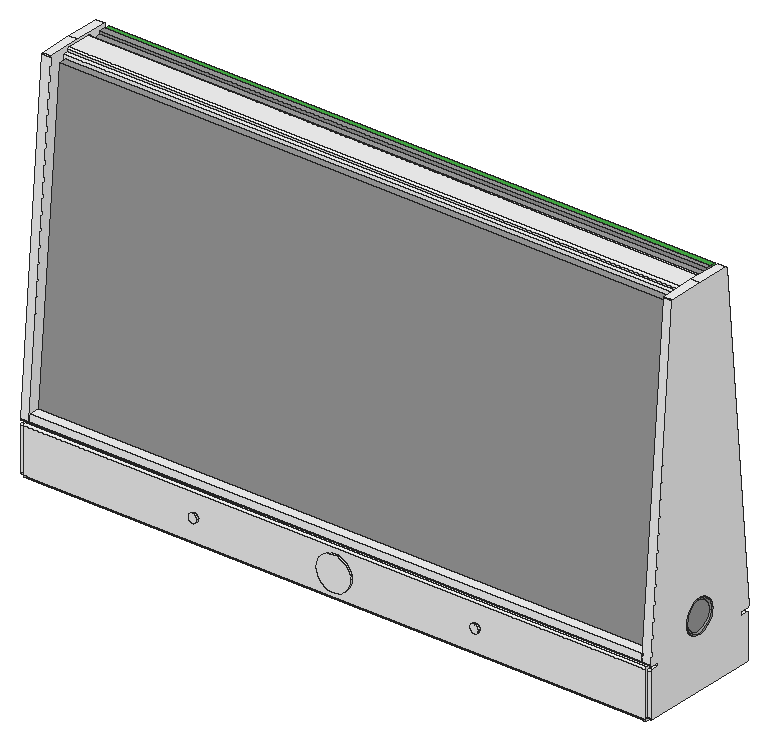
Revit family "Cleverfit Pro LED Exit_R16", category Lighting Fixtures, host Face, Revit 2016
Family settings
  Host = Face
  Part Type = Normal
  Round Connector Dimension = Use Diameter
  Cut with Voids When Loaded = No
  Light Source = Yes
  Shared = No
  Room Calculation Point = No
Parameters (values of type "LCFPRO-DATA")
  Width = 72 mm
  Wattage Comments = "Standby"
  Wattage = 9.2903 W
  built-in parameter 1150110 = 1 (stored number, unit not read)
  Viewing Distance = 24000 mm
  built-in parameter 1114217 = 1 (stored number, unit not read)
  Tilt Angle = -90.00°
  Testing System = "Zoneworks DATA Computerized Testing"
  built-in parameter 1150109 = 1 (stored number, unit not read)
  built-in parameter 1150134 = 3
  built-in parameter 1150113 = 1 (stored number, unit not read)
  Sign Width = 178 mm
  Sign Length = Length - 14 mm  # 353 mm
  Sign Height = 3 mm
  Power Consumption = 3.6 W
  Photometric Web File = "ll15872 LCFPRO-ZW.IES"
  Operating Voltage = 240 V
  Operating Temperature = "0°C to +40°C"
  Operating Mode = "Maintained"
  built-in parameter 1150142 = "IESNA91\r\n[TEST] \r\n[MANUFAC] Enlightenz Ltd.,\r\n[MORE] Albany, Auckland, NZ. 0751.\r\n[LUMINAIRE] Enlightenz, 2 x 28 W Recessed T5 Luminaire. Product ID: Aurora FRT 228 1200x600mm E (hf).\r\n[MORE] Matte white folded/welded reflector about extruded aluminium housing (extent: 1195 x 595 x 83 mm).\r\n[MORE] Clip-in wrap-around prismatic lens. L/O of 570 x 1170 mm (nom.). Multi-facet semi-specular “Almeco Vega\r\n[MORE] 98125” reflector above lamps. Two “Philips Master TL5 HE 28W/840” T5 lamps with L/C 15 mm below\r\n[MORE] gear tray centred 55 mm apart. One “Tridonic PC 2/14-35/49/54 T5 PRO-M lp” 220-240V 50/60/0 Hz\r\n[MORE] electronic ballast. Tested at 240 V 50 Hz, measured 259 mA.\r\n[OTHER] NA conventions used for C0 plane alignment and C-plane rotation direction.\r\n[MORE] The sample was tested at a distance of 8m.\r\n[MORE] This IES file created by LightLab/LSA Report program version 3.801a.\r\n[DATE] This file created: Tuesday, 9 October 2012 3:03:39 PM\r\nTILT=NONE\r\n 2 \r\n 500 \r\n 1 \r\n 37 \r\n 5 \r\n 1 \r\n 2 \r\n 0.57 \r\n 1.17 \r\n 0 \r\n 1 \r\n 1 \r\n 60.092 \r\n   0.000,   2.500,   5.000,   7.500,  10.000,  12.500,  15.000,  17.500\r\n  20.000,  22.500,  25.000,  27.500,  30.000,  32.500,  35.000,  37.500\r\n  40.000,  42.500,  45.000,  47.500,  50.000,  52.500,  55.000,  57.500\r\n  60.000,  62.500,  65.000,  67.500,  70.000,  72.500,  75.000,  77.500\r\n  80.000,  82.500,  85.000,  87.500,  90.000\r\n   0.000,  22.500,  45.000,  67.500,  90.000\r\n 341.4615, 341.2494, 340.2621, 338.5616, 336.1938, 333.2445, 329.4498\r\n 325.1429, 319.5903, 314.1999, 307.4367, 300.5308, 293.2082, 284.455, 274.5801\r\n 263.8264, 252.1498, 239.0471, 225.7166, 210.6177, 192.1162, 174.0084\r\n 152.1725, 134.7049, 118.2924, 103.374, 87.82187, 73.2549, 58.18829, 44.20323\r\n 33.80256, 26.5568, 21.00437, 15.25085, 9.952937, 4.504488, 0\r\n 341.4615, 341.4325, 340.9283, 340.0726, 338.6573, 336.5357, 333.8256\r\n 330.6919, 326.2308, 321.6914, 316.3366, 310.159, 303.4406, 295.2195, 286.6508\r\n 275.8864, 264.9573, 251.7767, 237.7297, 222.4658, 203.5372, 183.5127\r\n 160.7821, 138.5007, 119.9334, 104.5588, 90.92212, 78.3137, 67.11916, 55.77171\r\n 45.29549, 35.7993, 28.21967, 22.16036, 16.11417, 8.827147, 0\r\n 341.4615, 341.7425, 342.02, 342.392, 342.3859, 342.1362, 341.5772, 340.3091\r\n 338.212, 335.2784, 331.449, 326.9092, 320.9093, 313.1094, 303.6343, 293.2066\r\n 281.2209, 266.4966, 250.7048, 232.6298, 212.1581, 191.6554, 168.4842, 144.929\r\n 122.8393, 103.6612, 88.71062, 77.20822, 68.5182, 59.68402, 51.84156, 44.54643\r\n 38.17947, 30.48246, 21.74542, 11.92535, 0\r\n 341.4615, 341.9061, 343.1144, 344.3131, 345.7363, 347.1233, 347.8908\r\n 347.8587, 346.8893, 344.8732, 341.6011, 336.3393, 329.9645, 320.9179\r\n 310.8897, 298.5015, 284.8099, 269.01, 250.8172, 231.8651, 212.1282, 190.7469\r\n 167.4352, 148.4717, 131.0166, 116.6967, 103.8384, 91.12573, 79.70123\r\n 69.23565, 59.76439, 51.20085, 42.75244, 33.9792, 23.73228, 12.53013, 0\r\n 341.4615, 342.1449, 343.6144, 345.2054, 347.1876, 349.0632, 350.4188\r\n 350.7227, 349.9974, 347.909, 344.7461, 339.3313, 332.5534, 323.5998, 313.1198\r\n 300.9613, 286.2627, 268.3135, 250.1823, 230.513, 210.1074, 186.0525, 164.0899\r\n 144.4967, 126.8553, 111.9364, 96.5733, 82.94154, 71.29578, 61.47259, 54.19354\r\n 46.56514, 39.33159, 31.05388, 21.2952, 11.36191, 0\r\n"
  Mounting = "Surface Mount. Single Side Wall. Single or Double Side Ceiling."
  Model = "LCFPRO-DATA"
  Manufacturer = "Clevertronics"
  built-in parameter 1150105 = 109.82 (stored number, unit not read)
  Lumens = 1380 lm
  built-in parameter 1150115 = 1 (stored number, unit not read)
  built-in parameter 1150137 = (empty or 0)
  built-in parameter 1150139 = (empty or 0)
  Length = 367 mm
  built-in parameter 1150112 = 1 (stored number, unit not read)
  built-in parameter 1150114 = 1 (stored number, unit not read)
  Lamp = "2 x 1W LED 100,000 hours"
  built-in parameter 1150132 = (empty or 0)
  built-in parameter 1150102 = (empty or 0)
  built-in parameter 1150107 = 3200 (stored number, unit not read)
  built-in parameter 1150138 = (empty or 0)
  built-in parameter 1150106 = 1.0982 (stored number, unit not read)
  IP Rating = "IP20"
  Height = 214 mm
  Family Type = Sign : Sign
  Emit from Circle Diameter = 609.6 mm
  Emit Shape Visible in Rendering = no
  built-in parameter 1150104 = 13.8 (stored number, unit not read)
  Dimming Lamp Color Temperature Shift = <None>
  Diffuser = "All directional inserts included in the box"
  Description = "LED Cleverfit Pro Exit"
  Default Elevation = 1219.2 mm
  Construction = "Fire-retardant PC/ABS body with Polycarbonate Diffusers"
  Color Filter = 16777215
  Charging Method = "Intelligent current limited constant voltage charger"
  built-in parameter 1114218 = 1 (stored number, unit not read)
  Ballast = "Electronic"
  built-in parameter 1150133 = 10 (stored number, unit not read)
  Apparent Load = 3.6 VA
  AS2293 = "C0=D4 C90=E8 C180=D4 C270=E8"
Types (6, lengths in mm): name | Testing System | Model | Description | Charging Method
  (no name) | "Zoneworks DATA Computerized Testing" | "LCFPRO-DATA" | "LED Cleverfit Pro Exit" | "Intelligent current limited constant voltage charger"
  LCFPRO-CT | "Clever-Test" | "LCFPRO-CT" | "LED Cleverfit Pro Exit" | "Intelligent current limited constant voltage charger"
  LCFPRO | "N/A - Manual Test Switch" | "LCFPRO" | "LED Cleverfit Pro Exit" | "Intelligent current limited constant voltage charger"
  LCFPRO-DALI | "DALI Compatible" | "LCFPRO-DALI" | "LED Cleverfit Pro Exit with DALI" | "Intelligent current limited constant voltage charger"
  LCFPRO-DATA | "Zoneworks DATA Computerized Testing" | "LCFPRO-DATA" | "LED Cleverfit Pro Exit" | "Intelligent current limited constant voltage charger"
  LCFPRO-ZW | "Zoneworks Computerized Testing" | "LCFPRO-ZW" | "LED Cleverfit Pro Exit" | "Constant current to 3.4V, then constant voltage"
Reference planes
  plane 1 "Center (Front/Back)": y = 0
  plane 2: z = 0
  plane 3 "Center (Left/Right)": x = 0
  plane 4: y = 36
  plane 5: y = -36
  plane 6: x = -183.5
  plane 7: x = 183.5
  plane 8: z = 214
  plane 9: x = -82
  plane 10: x = 82
  plane 11: z = 213
  plane 12: z = 34
  plane 13: z = 40
  plane 14: z = 1
  plane 15: z = 28
  plane 16: z = 14
  plane 17: z = 29
  plane 18: z = 36.612
  plane 19: z = 35.306
  plane 20: y = 37
  plane 21: y = -37
  plane 22: x = -178.5
  plane 23 "Hosting Plane": x = -176.5
  plane 24: x = -174.5
  plane 25: x = -181
  plane 26: y = 26
  plane 27: y = -26
  plane 28: x = 133.5
  plane 29: x = 178.5
  plane 30: x = 176.5
  plane 31: x = 174.5
  plane 32: x = 181
  plane 33: y = 30
  plane 34: y = -30
  plane 35: y = 20
  plane 36: y = -20
  plane 37: y = 20
  plane 38: y = -20
  plane 39: z = 124.153
  plane 40 "Base": through (0, 32.119, 35.221) normal (0, 0.0848, -0.9964)
  plane 41: x = 182.5
Forms (mm)
  Extrusion 1, solid, material "Plastic - Polycarbonate - White", detail levels fine
    sketch origin (0, 0, 0) x (0, 1, 0) y (0, 0, 1)
      loop
        line (30, 28) -> (30, 27) -> (34.5, 27)
        arc (34.5, 27) -> (34.854, 26.854) -> (35, 26.5) r 0.5
        line (35, 26.5) -> (35, 1.5)
        arc (35, 1.5) -> (34.854, 1.146) -> (34.5, 1) r 0.5
        line (34.5, 1) -> (-34.5, 1)
        arc (-34.5, 1) -> (-34.854, 1.146) -> (-35, 1.5) r 0.5
        line (-35, 1.5) -> (-35, 26.5)
        arc (-35, 26.5) -> (-34.854, 26.854) -> (-34.5, 27) r 0.5
        line (-34.5, 27) -> (-30, 27) -> (-30, 28) -> (-35, 28)
        arc (-35, 28) -> (-35.707, 27.707) -> (-36, 27) r 1
        line (-36, 27) -> (-36, 1)
        arc (-36, 1) -> (-35.707, 0.293) -> (-35, 0) r 1
        line (-35, 0) -> (35, 0)
        arc (35, 0) -> (35.707, 0.293) -> (36, 1) r 1
        line (36, 1) -> (36, 27)
        arc (36, 27) -> (35.707, 27.707) -> (35, 28) r 1
        line (35, 28) -> (30, 28)
    from -181 to 181
  Extrusion 2, solid, material "Plastic - Polycarbonate - White", detail levels fine
    sketch origin (0, 0, 0) x (0, 1, 0) y (0, 0, 1)
      loop
        line (35, 1.5) -> (35, 26.5)
        arc (35, 26.5) -> (34.854, 26.854) -> (34.5, 27) r 0.5
        line (34.5, 27) -> (30, 27) -> (30, 29) -> (35, 29) -> (35.588, 29.809) -> (20, 213) -> (19.434, 213.566) -> (0, 214) -> (-19.434, 213.566) -> (-20, 213) -> (-35.588, 29.809) -> (-35, 29) -> (-30, 29) -> (-30, 27) -> (-34.5, 27)
        arc (-34.5, 27) -> (-34.854, 26.854) -> (-35, 26.5) r 0.5
        line (-35, 26.5) -> (-35, 1.5)
        arc (-35, 1.5) -> (-34.854, 1.146) -> (-34.5, 1) r 0.5
        line (-34.5, 1) -> (34.5, 1)
        arc (34.5, 1) -> (34.854, 1.146) -> (35, 1.5) r 0.5
    from -183.5 to -178.5
  Extrusion 3, solid, material "Plastic - Polycarbonate - White", detail levels fine
    sketch origin (0, 0, 0) x (0, 1, 0) y (0, 0, 1)
      loop
        line (35, 1.5) -> (35, 26.5)
        arc (35, 26.5) -> (34.854, 26.854) -> (34.5, 27) r 0.5
        line (34.5, 27) -> (30, 27) -> (30, 29) -> (35, 29) -> (35.588, 29.809) -> (20, 213) -> (19.434, 213.566) -> (0, 214) -> (-19.434, 213.566) -> (-20, 213) -> (-35.588, 29.809) -> (-35, 29) -> (-30, 29) -> (-30, 27) -> (-34.5, 27)
        arc (-34.5, 27) -> (-34.854, 26.854) -> (-35, 26.5) r 0.5
        line (-35, 26.5) -> (-35, 1.5)
        arc (-35, 1.5) -> (-34.854, 1.146) -> (-34.5, 1) r 0.5
        line (-34.5, 1) -> (34.5, 1)
        arc (34.5, 1) -> (34.854, 1.146) -> (35, 1.5) r 0.5
    from 178.5 to 183.5
  Extrusion 4, solid, material "Default", detail levels fine
    sketch origin (0, 0, 0) x (0, 1, 0) y (0, 0, 1)
      loop
        line (31.631, 35.306) -> (16.897, 213) -> (13.89, 213) -> (13.89, 210.956) -> (7.831, 210.426) -> (7.831, 35.306) -> (31.631, 35.306)
    from -176.5 to 176.5
  Extrusion 5, solid, material "Plastic - Polycarbonate - White", detail levels fine
    sketch origin (0, 0, 0) x (0, 1, 0) y (0, 0, 1)
      loop
        line (35, 29) -> (35.588, 29.809) -> (35.231, 34) -> (7.831, 34) -> (7.831, 212)
        arc (7.831, 212) -> (7.538, 212.707) -> (6.831, 213) r 1
        line (6.831, 213) -> (-6.831, 213)
        arc (-6.831, 213) -> (-7.538, 212.707) -> (-7.831, 212) r 1
        line (-7.831, 212) -> (-7.831, 34) -> (-35.231, 34) -> (-35.588, 29.809) -> (-35, 29) -> (35, 29)
    from -178.5 to 178.5
  Extrusion 6, solid, material "Plastic - Polycarbonate - White", detail levels fine
    sketch origin (0, 0, 0) x (0, 1, 0) y (0, 0, 1)
      loop
        line (-7.831, 211) -> (-10.831, 211) -> (-25.331, 35.306) -> (-7.831, 35.306) -> (-7.831, 211)
    from -178.5 to 178.5
  Extrusion 7, solid, material "Default", detail levels fine
    sketch origin (0, 0, 0) x (0, 1, 0) y (0, 0, 1)
      loop
        line (-10.988, 209.104) -> (-15.815, 209.104) -> (-30.604, 35.306) -> (-25.331, 35.306) -> (-10.988, 209.104)
    from -176.5 to 178.5
  Extrusion 8, void
    sketch origin (0, 0, 0) x (0, 1, 0) y (0, 0, 1)
      loop
        circle (0, 40) r 10
    from 181 to 183.5
  Extrusion 9, solid, material "Default", detail levels fine
    sketch origin (0, 0, 0) x (0, 1, 0) y (0, 0, 1)
      loop
        circle (0, 40) r 9.5
    from 181 to 183.5
  Blend 10, void
    base sketch origin (0, 0, 0) x (0, 1, 0) y (0, 0, 1)
      loop
        circle (0, 40) r 8
    top sketch origin (0, 0, 0) x (0, 1, 0) y (0, 0, 1)
      loop
        circle (0, 40) r 9
    from 182.5 to 183.5
  Extrusion 11, void
    sketch origin (0, 0, 0) x (1, 0, 0) y (0, 0, 1)
      loop
        line (136, 19) -> (131, 19) -> (131, 9) -> (136, 9) -> (136, 19)
    from -37 to -26
  Extrusion 12, solid, material "Plastic - Polycarbonate - White", detail levels fine
    sketch origin (0, 0, 0) x (1, 0, 0) y (0, 0, 1)
      loop
        circle (82, 14) r 5
      loop
        circle (-82, 14) r 5
    from -37 to -36
  Extrusion 13, solid, material "Plastic - Polycarbonate - White", detail levels fine
    sketch origin (0, 0, 0) x (1, 0, 0) y (0, 0, 1)
      loop
        circle (-82, 14) r 2.5
      loop
        circle (82, 14) r 2.5
      loop
        circle (0, 14) r 10
    from 36 to 37
Cuts and joins
  Extrusion 8, Blend 10, Extrusion 11 cuts Extrusion 1
  Extrusion 8, Blend 10, Extrusion 11 cuts Extrusion 2
  Extrusion 8, Blend 10, Extrusion 11 cuts Extrusion 3
  joined: Extrusion 1, Extrusion 2, Extrusion 3
  Extrusion 8, Blend 10 cuts Extrusion 4
  Extrusion 8, Blend 10 cuts Extrusion 6
  Blend 10 cuts Extrusion 5
  Blend 10 cuts Extrusion 9
Dimensions and locks
  equal spacing: plane 4, plane 1 "Center (Front/Back)", plane 5
  equal spacing: plane 6, plane 3 "Center (Left/Right)", plane 7
  "Length": plane 6 to plane 7
  "Width": plane 4 to plane 5
  "Height": plane 8 to level
  equal spacing: plane 9, plane 3 "Center (Left/Right)", plane 10
  locked: plane 9 to plane 3 "Center (Left/Right)" at 82
  locked: plane 8 to plane 11 at 1
  locked: plane 12 to level at 34
  locked: plane 13 to level at 40
  locked: plane 14 to level at 1
  locked: plane 15 to level at 28
  equal spacing: plane 15, plane 16, level
  locked: plane 17 to plane 15 at 1
  locked: plane 18 to plane 12 at 2.612
  equal spacing: plane 18, plane 19, plane 12
  locked: plane 6 to plane 22 at 5
  locked: plane 22 to plane 23 "Hosting Plane" at 2
  locked: plane 23 "Hosting Plane" to plane 24 at 2
  equal spacing: plane 6, plane 25, plane 22
  locked: plane 4 to plane 26 at 10
  locked: plane 27 to plane 5 at 10
  plane 28 to plane 7 = 50 mm
  locked: plane 29 to plane 30 at 2
  locked: plane 30 to plane 31 at 2
  locked: plane 29 to plane 7 at 5
  equal spacing: plane 29, plane 32, plane 7
  locked: plane 20 to plane 4 at 1
  locked: plane 5 to plane 21 at 1
  locked: plane 4 to plane 33 at 6
  locked: plane 34 to plane 5 at 6
  equal spacing: plane 11, plane 39, plane 19
  locked: plane 11 to Extrusion 6 sketch curve at 2
  locked: Extrusion 7 sketch curve to Extrusion 6 at 1.896
  locked: plane 41 to plane 7 at 1
  equal spacing: Extrusion 11 sketch curve, plane 28, Extrusion 11 sketch curve
  locked: Extrusion 11 sketch curve to Extrusion 11 sketch curve at 5
  equal spacing: Extrusion 11 sketch curve, plane 16, Extrusion 11 sketch curve
  locked: Extrusion 11 sketch curve to Extrusion 11 sketch curve at 10
  aligned and locked: plane 2 to host face
  aligned and locked: level to host face
  aligned and locked: plane 3 "Center (Left/Right)" to nested 1
  aligned and locked: plane 1 "Center (Front/Back)" to nested 1
  aligned and locked: plane 15 to Extrusion 1 sketch curve  (x2)
  aligned and locked: plane 4 to Extrusion 1 sketch curve
  aligned and locked: Extrusion 1 sketch curve to level
  aligned and locked: Extrusion 1 sketch curve to plane 5
  aligned and locked: plane 14 to Extrusion 1 sketch curve
  aligned and locked: Extrusion 1 sketch curve to plane 33
  aligned and locked: plane 34 to Extrusion 1 sketch curve
  aligned and locked: Extrusion 1 to plane 25
  aligned and locked: Extrusion 1 to plane 32
  aligned and locked: Extrusion 2 sketch curve to Extrusion 1  (x2)
  aligned and locked: plane 17 to Extrusion 2 sketch curve
  aligned and locked: plane 35 to Extrusion 2 sketch curve
  aligned and locked: Extrusion 2 sketch curve to plane 17
  aligned and locked: Extrusion 2 sketch curve to plane 36
  aligned and locked: Extrusion 2 to plane 6
  aligned and locked: plane 22 to Extrusion 2
  aligned and locked: plane 37 to Extrusion 3 sketch curve
  aligned and locked: Extrusion 3 sketch curve to plane 38
  aligned and locked: plane 29 to Extrusion 3
  aligned and locked: plane 7 to Extrusion 3
  aligned and locked: plane 19 to Extrusion 4 sketch curve
  aligned and locked: Extrusion 4 sketch curve to plane 11
  aligned and locked: Extrusion 4 to plane 23 "Hosting Plane"
  aligned and locked: Extrusion 4 to plane 30
  aligned and locked: plane 12 to Extrusion 5 sketch curve
  aligned and locked: Extrusion 5 sketch curve to plane 12
  aligned and locked: Extrusion 5 sketch curve to cut or joined group of Extrusion 1, Extrusion 2, Extrusion 3, Extrusion 8, Blend 10, Extrusion 11
  aligned and locked: plane 11 to Extrusion 5 sketch curve
  aligned: Extrusion 5 to plane 23 "Hosting Plane"
  aligned: Extrusion 5 to plane 30
  aligned and locked: Extrusion 6 sketch curve to plane 19
  aligned and locked: Extrusion 6 to plane 22
  aligned and locked: Extrusion 6 to plane 29
  aligned and locked: Extrusion 7 sketch curve to plane 19
  aligned and locked: Extrusion 7 to plane 29
  aligned and locked: Extrusion 7 to plane 23 "Hosting Plane"
  aligned and locked: plane 32 to Extrusion 8
  aligned and locked: plane 7 to Extrusion 8
  aligned: Extrusion 9 to plane 41
  aligned and locked: plane 32 to Extrusion 9
  aligned and locked: plane 7 to Extrusion 9
  aligned and locked: Blend 10 to plane 41
  aligned and locked: plane 7 to Blend 10
  aligned: plane 27 to Extrusion 11
  aligned: plane 21 to Extrusion 11
  aligned and locked: Extrusion 11 to plane 26
  aligned and locked: plane 20 to Extrusion 11
  aligned and locked: plane 20 to Extrusion 12
  aligned and locked: Extrusion 12 to plane 4
  aligned and locked: plane 5 to Extrusion 13
  aligned and locked: plane 21 to Extrusion 13
  aligned and locked: Extrusion 7 sketch curve to cut or joined group of Extrusion 6, Extrusion 8, Blend 10
  aligned: plane 3 "Center (Left/Right)" to imposter light
  aligned: level to imposter light
  aligned and locked: plane 3 "Center (Left/Right)" to imposter light
  aligned and locked: cut or joined group of Extrusion 5, Blend 10 to plane 22
  aligned and locked: cut or joined group of Extrusion 5, Blend 10 to plane 29
Automatic sketch dimensions
  host sketch curve to host sketch curve = 2438.4 mm  (x2)
  Extrusion 1 sketch curve to plane 14 = 0 mm  (x2)
  plane 5 to Extrusion 1 sketch curve = 1 mm
  Extrusion 1 sketch curve to Extrusion 1 sketch curve = 0 mm
  Extrusion 1 sketch curve to Extrusion 1 sketch curve = 0.5 mm  (x6)
  Extrusion 1 sketch curve to plane 4 = 1.5 mm
  Extrusion 1 sketch curve to plane 4 = 1 mm
  Extrusion 8 sketch curve to plane 1 "Center (Front/Back)" = 0 mm
  Extrusion 8 sketch curve to plane 13 = 0 mm
  Extrusion 9 sketch curve to plane 1 "Center (Front/Back)" = 0 mm
  Extrusion 9 sketch curve to plane 13 = 0 mm
  Blend 10 sketch curve to plane 1 "Center (Front/Back)" = 0 mm  (x2)
  Blend 10 sketch curve to plane 13 = 0 mm  (x2)
  Extrusion 12 sketch curve to plane 9 = 0 mm
  plane 10 to Extrusion 12 sketch curve = 0 mm
  Extrusion 12 sketch curve to plane 16 = 0 mm  (x2)
  Extrusion 13 sketch curve to plane 9 = 0 mm
  Extrusion 13 sketch curve to plane 3 "Center (Left/Right)" = 0 mm
  plane 10 to Extrusion 13 sketch curve = 0 mm
  Extrusion 13 sketch curve to plane 16 = 0 mm  (x3)
  Extrusion 2 sketch curve to plane 14 = 0 mm
  Extrusion 2 sketch curve to plane 1 "Center (Front/Back)" = 0 mm
  Extrusion 2 sketch curve to plane 11 = 0 mm  (x2)
  Extrusion 2 sketch curve to plane 8 = 0 mm
  plane 14 to Extrusion 2 sketch curve = 0.5 mm  (x2)
  plane 5 to Extrusion 2 sketch curve = 1.5 mm
  Extrusion 2 sketch curve to Extrusion 2 sketch curve = 0.5 mm
  plane 5 to Extrusion 2 sketch curve = 1 mm
  plane 5 to Extrusion 2 sketch curve = 0.412 mm
  Extrusion 2 sketch curve to plane 36 = 0.566 mm
  Extrusion 2 sketch curve to plane 35 = 0.566 mm
  Extrusion 2 sketch curve to plane 4 = 1.5 mm  (x2)
  Extrusion 2 sketch curve to plane 4 = 1 mm
  Extrusion 2 sketch curve to plane 4 = 0.412 mm
  Extrusion 2 sketch curve to plane 15 = 1.5 mm  (x2)
  plane 17 to Extrusion 2 sketch curve = 0.809 mm  (x2)
  Extrusion 2 sketch curve to plane 8 = 0.434 mm  (x2)
  Extrusion 3 sketch curve to plane 17 = 0 mm  (x2)
  Extrusion 3 sketch curve to plane 14 = 0 mm
  Extrusion 3 sketch curve to plane 1 "Center (Front/Back)" = 0 mm
  Extrusion 3 sketch curve to plane 11 = 0 mm  (x2)
  Extrusion 3 sketch curve to plane 8 = 0 mm
  Extrusion 3 sketch curve to plane 27 = 4 mm
  plane 14 to Extrusion 3 sketch curve = 0.5 mm  (x2)
  plane 5 to Extrusion 3 sketch curve = 1.5 mm
  Extrusion 3 sketch curve to Extrusion 3 sketch curve = 0.5 mm
  plane 5 to Extrusion 3 sketch curve = 1 mm
  plane 5 to Extrusion 3 sketch curve = 0.412 mm
  Extrusion 3 sketch curve to plane 38 = 0.566 mm
  Extrusion 3 sketch curve to plane 37 = 0.566 mm
  plane 26 to Extrusion 3 sketch curve = 4 mm
  Extrusion 3 sketch curve to plane 4 = 1.5 mm  (x2)
  Extrusion 3 sketch curve to plane 4 = 1 mm
  Extrusion 3 sketch curve to plane 4 = 0.412 mm
  Extrusion 3 sketch curve to plane 15 = 1.5 mm  (x2)
  plane 17 to Extrusion 3 sketch curve = 0.809 mm  (x2)
  Extrusion 3 sketch curve to plane 8 = 0.434 mm  (x2)
  Extrusion 4 sketch curve to plane 11 = 2.574 mm
  Extrusion 4 sketch curve to plane 1 "Center (Front/Back)" = 7.831 mm
  Extrusion 4 sketch curve to plane 11 = 2.044 mm
  Extrusion 4 sketch curve to Extrusion 4 sketch curve = 6.059 mm
  Extrusion 4 sketch curve to Extrusion 4 sketch curve = 3.007 mm
  Extrusion 4 sketch curve to plane 4 = 4.369 mm
  plane 5 to Extrusion 5 sketch curve = 0.412 mm
  plane 5 to Extrusion 5 sketch curve = 0.769 mm
  Extrusion 5 sketch curve to Extrusion 5 sketch curve = 0.588 mm
  plane 1 "Center (Front/Back)" to Extrusion 5 sketch curve = 7.831 mm
  Extrusion 5 sketch curve to plane 11 = 1 mm  (x2)
  Extrusion 5 sketch curve to plane 1 "Center (Front/Back)" = 6.831 mm
  Extrusion 5 sketch curve to plane 4 = 1 mm
  Extrusion 5 sketch curve to plane 4 = 0.769 mm
  Extrusion 5 sketch curve to plane 4 = 0.412 mm
  plane 17 to Extrusion 5 sketch curve = 0.809 mm  (x2)
  plane 27 to Extrusion 6 sketch curve = 0.669 mm
  plane 1 "Center (Front/Back)" to Extrusion 6 sketch curve = 10.831 mm
  plane 1 "Center (Front/Back)" to Extrusion 6 sketch curve = 7.831 mm
  Extrusion 7 sketch curve to plane 27 = 4.604 mm
  Extrusion 7 sketch curve to Extrusion 7 sketch curve = 4.827 mm
  radius of Extrusion 8 sketch curve = 10 mm
  radius of Extrusion 9 sketch curve = 9.5 mm
  radius of Blend 10 sketch curve = 8 mm
  radius of Blend 10 sketch curve = 9 mm
  radius of Extrusion 12 sketch curve = 5 mm  (x2)
  radius of Extrusion 13 sketch curve = 2.5 mm  (x2)
  radius of Extrusion 13 sketch curve = 10 mm
Nested families
  nested 1: "Exit_Annotation" at (0, 0, 0), type "Single Sided Exit Luminaire", detail levels coarse+medium
  nested 2: "Sign" at (0, 27.56, 124.155) x (1, 0, 0) z (0, -0.9964, -0.0848), type "Sign", detail levels fine
Connectors
  electrical at (0, 0, 0), driven by "Operating Voltage", driven by "Apparent Load"
    settings: index 1, voltage 240 V, apparent load 0 VA, apparent load phase1 3.6 VA, apparent load phase2 0 VA, apparent load phase3 0 VA, power factor 1, load classification "Lighting", number of poles 1, system type 31, power factor state 1, is connector primary yes, connector utility no, sub classification motor no, connector description ""
Definition of nested family "Sign"
  Parameters
    Sign Length = 353 mm
    Sign Width = 178 mm
    Sign Height = 3 mm
    Default Elevation = 1219.2 mm
    Assembly Code = ""
  Reference planes
    plane 1 "Center (Front/Back)": y = 0
    plane 2: z = 0
    plane 3 "Center (Left/Right)": x = 0
    plane 4: y = 89
    plane 5: y = -89
    plane 6: x = -176.5
    plane 7: x = 176.5
    plane 8: z = 3
  Forms (mm)
    Extrusion 1, solid
      sketch origin (0, 0, 0) x (1, 0, 0) y (0, 1, 0)
        loop
          line (-1219.2, 1219.2) -> (-1219.2, -1219.2) -> (1219.2, -1219.2) -> (1219.2, 1219.2) -> (-1219.2, 1219.2)
      from 0 to -304.8
    Extrusion 2, solid
      sketch origin (0, 0, 0) x (1, 0, 0) y (0, 1, 0)
        loop
          line (-176.5, 89) -> (-176.5, -89) -> (176.5, -89) -> (176.5, 89) -> (-176.5, 89)
      from 0 to 3
  Dimensions and locks
    equal spacing: plane 6, plane 3 "Center (Left/Right)", plane 7
    equal spacing: plane 4, plane 1 "Center (Front/Back)", plane 5
    "Sign Width": plane 4 to plane 5
    "Sign Length": plane 6 to plane 7
    "Sign Height": plane 8 to level
    aligned and locked: plane 2 to Extrusion 1
    aligned and locked: level to Extrusion 1
    aligned and locked: plane 6 to Extrusion 2 sketch curve
    aligned and locked: Extrusion 2 sketch curve to plane 4
    aligned and locked: plane 5 to Extrusion 2 sketch curve
    aligned and locked: Extrusion 2 sketch curve to plane 7
    aligned and locked: plane 8 to Extrusion 2
  Automatic sketch dimensions
    Extrusion 1 sketch curve to Extrusion 1 sketch curve = 2438.4 mm  (x2)
Definition of nested family "Exit_Annotation"
  Parameters
    Single Sided Direction = no
    Single Sided = yes
    Double Sided Direction = no
    Double Sided = no
  Reference planes
    plane 1: y = 0
    plane 2: x = 0
  Lines and regions (mm)
    Filled region 1, type "Filled region 1", visible <- "Double Sided Direction"
      outline origin (0, 0, 0) x (1, 0, 0) y (0, 1, 0)
        loop
          line (-0.7, 2.8) -> (-2.5, 2) -> (-0.7, 2) -> (-0.7, 2.8)
    Filled region 2, type "Filled region 1", visible <- "Double Sided Direction"
      outline origin (0, 0, 0) x (0, -1, 0) y (1, 0, 0)
        loop
          line (2.8, -0.7) -> (2, -0.7) -> (2, -2.5) -> (2.8, -0.7)
    Filled region 3, type "Filled region 1", visible <- "Single Sided Direction"
      outline origin (0, 0, 0) x (0, -1, 0) y (1, 0, 0)
        loop
          line (2.8, -0.7) -> (2, -0.7) -> (2, -2.5) -> (2.8, -0.7)
    detail lines
      curve 1: line (2.5, 1.5, 0) -> (-2.5, 1.5, 0)
      curve 2: line (-2.5, 1.5, 0) -> (-2.5, -1.5, 0)
      curve 3: line (-2.5, -1.5, 0) -> (2.5, -1.5, 0)
      curve 4: line (2.5, 1.5, 0) -> (2.5, -1.5, 0)
      curve 6: line (2.5, -2, 0) -> (-2.5, -2, 0)
    detail lines, visible <- "Double Sided"
      curve 5: line (2.5, 2, 0) -> (-2.5, 2, 0)
    detail lines, visible <- "Double Sided Direction"
      curve 7: line (2.5, 2, 0) -> (-2.5, 2, 0)
  Text (mm)
    text "EXIT" at (-2.237, 2.02, 0)
